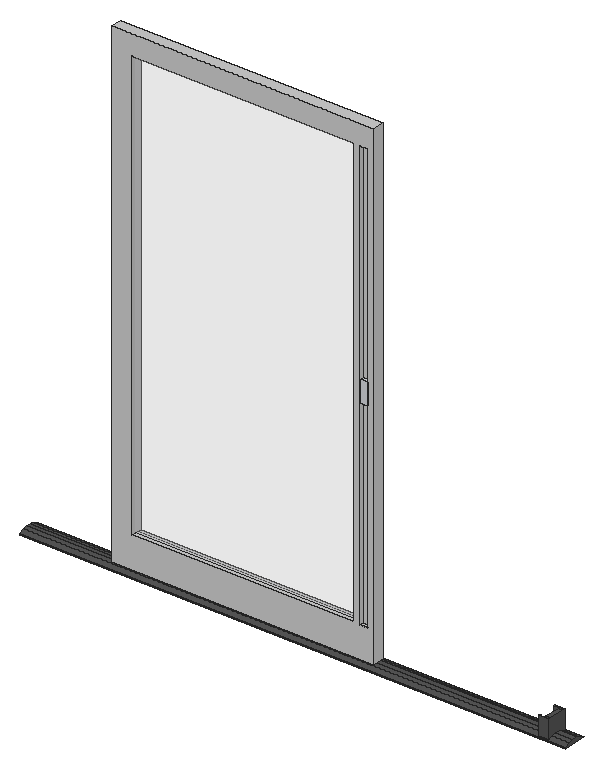
Revit family "Haworth_Compose_Panel_DoorSliding", category Furniture Systems, Revit 2018
Family settings
  Round Connector Dimension = Use Diameter
  Part Type = Normal
  OmniClass Number = 23.40.70.14.64.21
  OmniClass Title = Systems Furniture
  Work Plane-Based = No
  Always vertical = Yes
  Cut with Voids When Loaded = No
  Shared = No
  Room Calculation Point = No
Parameters (values of type "66h 36w")
  Warranty = "http://www.haworth.com/resources/product-info/warranties"
  URL - Product = "http://www.haworth.com/products/workspaces/panel-based/compose"
  Track Finish = Haworth _ Polymer _ Black
  Sustainability Info = "http://media.haworth.com/asset/2999/Compose%20PEDS.pdf"
  Model = "VUZF"  # constant formula
  Glass Finish = Haworth _ Glass _ Clear
  Door Offset = 1/2"  # constant formula
  Top Rail Width = 2 3/4"  # constant formula
  Sliding Track Length = Actual Width * 2 + 3"  # 75"
  Style Width = 2 3/4"  # constant formula
  Glass Offset = Bottom Rail Width  # 4 1/4"
  Door Height = Actual Height - 1/2"  # 66"
  Door Finish = Haworth _ Paint _ Putty
  Description = "Haworth Compose Panel Door Sliding"  # constant formula
  Bottom Rail Width = 4 1/4"  # constant formula
  Assembly Code = "E2020500"
  Width = 36"
  URL = "http://www.haworth.com/"
  Size = "Verify Final Dim. w/ Haworth"  # constant formula
  Revision Number = "4"  # constant formula
  Pull Height Centerline = Actual Height / 2  # 33 1/4"
  Panel Width = Actual Width - (2 * Style Width)  # 30 1/2"
  Panel Height = Height - Top Rail Width - Bottom Rail Width  # 59"
  Panel Depth = 1/2"  # constant formula
  Min. Width = 36"  # constant formula
  Max. Width = 42"  # constant formula
  Min. Height = 66"  # constant formula
  Max. Height = 82"  # constant formula
  Manufacturer = "Haworth"  # constant formula
  Height = 66"
  Author = "SHAPE Environment, LLC"  # constant formula
  Actual Width = if(Width < Min. Width, Min. Width, if(Width > Max. Width, Max. Width, Width))  # 36"
  Min/Max Width = "36, 42 in."  # constant formula
  Min/Max Height = "66, 74, 82 in."  # constant formula
  Actual Height = if(Height < Min. Height, Min. Height + Door Offset, if(Height > Max. Height, Max. Height + Door Offset, Height + Door Offset))  # 66 1/2"
Types (6): name | Sliding Track Length | Door Height | Width | Pull Height Centerline | Panel Width | Panel Height | Height | Actual Width | Actual Height
  66h 36w | 75" | 66" | 36" | 33 1/4" | 30 1/2" | 59" | 66" | 36" | 66 1/2"
  74h 36w | 75" | 74" | 36" | 37 1/4" | 30 1/2" | 67" | 74" | 36" | 74 1/2"
  82h 36w | 75" | 82" | 36" | 41 1/4" | 30 1/2" | 75" | 82" | 36" | 82 1/2"
  82h 42w | 87" | 82" | 42" | 41 1/4" | 36 1/2" | 75" | 82" | 42" | 82 1/2"
  74h 42w | 87" | 74" | 42" | 37 1/4" | 36 1/2" | 67" | 74" | 42" | 74 1/2"
  66h 42w | 87" | 66" | 42" | 33 1/4" | 36 1/2" | 59" | 66" | 42" | 66 1/2"
Reference planes (in)
  plane 1 "Center F/B": y = -0.17786
  plane 2: z = 0
  plane 3 "Center L/R": x = 3.26136
  plane 4 "Left Door": x = -14.73864
  plane 5 "Right Door": x = 21.26136
  plane 6: z = 66.5
  plane 7 "Pull Height Centerline": z = 33.75
  plane 8 "Door Panel Bottom": z = 0.5
  plane 9 "Left": x = -26.73864
  plane 10 "Sliding Track Right": x = 48.26136
  plane 11 "Right": x = 9.26136
Forms (in)
  Sweep 1, solid, material "Haworth _ Polymer _ Black" <- "Track Finish"
    path origin (-2.75869, -0.17786, 0) x (1, 0, 0) y (0, 0, 1)
      loop
        line (-23.97995, 0) -> (51.02005, 0)
    profile origin (10.76136, -0.17786, 0) x (0, 0, 1) y (0, -1, 0)
      loop
        line (0, 1.56145) -> (0, -1.56145) -> (0.06333, -1.56145) -> (0.40072, -0.8379)
        arc (0.40072, -0.8379) -> (0.47484, -0.61902) -> (0.5, -0.38933) r 1.06123
        line (0.5, -0.38933) -> (0.5, 0.38933)
        arc (0.5, 0.38933) -> (0.47476, 0.6194) -> (0.40025, 0.83852) r 1.06123
        line (0.40025, 0.83852) -> (0.0625, 1.56145) -> (0, 1.56145)
  Extrusion 2, solid, material "Haworth _ Polymer _ Black" <- "Track Finish"
    sketch origin (1.17615, -0.14763, 0) x (1, 0, 0) y (0, 1, 0)
      loop
        line (43.2102, 1.34476) -> (43.2102, 1.28226) -> (44.5227, 1.28226) -> (44.5227, 1.03226) -> (44.0227, 1.03226) -> (44.0227, -1.09274) -> (44.5227, -1.09274) -> (44.5227, -1.34274) -> (43.2102, -1.34274) -> (43.2102, -1.40524) -> (44.5852, -1.40524) -> (44.5852, 1.34476) -> (43.2102, 1.34476)
    from 0.0625 to 2.65
Lines and regions (in)
  Masking region 1
    outline origin (0, 0, 0) x (1, 0, 0) y (0, 1, 0)
      loop
        line (-26.73864, 1.38359) -> (-26.73864, -1.73931) -> (48.26136, -1.73931) -> (48.26136, 1.38359) -> (-26.73864, 1.38359)
  Masking region 2
    outline origin (0, 0, 0) x (1, 0, 0) y (0, 1, 0)
      loop
        line (-14.73864, 0.57214) -> (-14.73864, -0.92786) -> (21.26136, -0.92786) -> (21.26136, 0.57214) -> (-14.73864, 0.57214)
Dimensions and locks (in)
  equal spacing: plane 4 "Left Door", plane 3 "Center L/R", plane 5 "Right Door"
  "Actual Width": plane 4 "Left Door" to plane 5 "Right Door"
  "Actual Height": plane 6 to level
  "Pull Height Centerline": plane 7 "Pull Height Centerline" to plane 8 "Door Panel Bottom"
  locked: Extrusion 2 to plane 8 "Door Panel Bottom" at 2.15
  locked: plane 10 "Sliding Track Right" to Extrusion 2 at 2.5
  equal spacing: Sweep 1, plane 1 "Center F/B", Sweep 1
  "Door Offset": plane 8 "Door Panel Bottom" to plane 2
  locked: plane 4 "Left Door" to plane 9 "Left" at 12
  "Actual Width": plane 9 "Left" to plane 11 "Right"
  "Sliding Track Length": plane 9 "Left" to plane 10 "Sliding Track Right"
  aligned: plane 3 "Center L/R" to nested 1
  aligned and locked: plane 3 "Center L/R" to nested 1  (x2)
  aligned and locked: nested 1 to plane 8 "Door Panel Bottom"
  aligned and locked: Sweep 1 sketch curve to plane 2
  aligned and locked: plane 9 "Left" to Sweep 1 sketch curve
  aligned and locked: plane 10 "Sliding Track Right" to Sweep 1 sketch curve
  aligned and locked: plane 1 "Center F/B" to nested 1
Automatic sketch dimensions
  profile plane to Sweep 1 sketch curve = 0"
  profile plane to Sweep 1 sketch curve = 0.56123"  (x2)
  Sweep 1 sketch curve to Sweep 1 sketch curve = 1/16"
  Sweep 1 sketch curve to Sweep 1 sketch curve = 0.06333"
  Sweep 1 sketch curve to profile plane = 0.40025"
  Sweep 1 sketch curve to profile plane = 0.40057"
  Sweep 1 sketch curve to Sweep 1 sketch curve = 0.00015"
  Sweep 1 sketch curve to Sweep 1 sketch curve = 0.09975"
  Sweep 1 sketch curve to profile plane = 1.56145"
  Sweep 1 sketch curve to Sweep 1 sketch curve = 0.72356"
  Sweep 1 sketch curve to Sweep 1 sketch curve = 0.00007"
  profile plane to Sweep 1 sketch curve = 0.38933"
  Sweep 1 sketch curve to Sweep 1 sketch curve = 0.72293"
  plane 5 "Right Door" to Extrusion 2 sketch curve = 23 1/8"
  Extrusion 2 sketch curve to Extrusion 2 sketch curve = 0"
  Extrusion 2 sketch curve to Extrusion 2 sketch curve = 13/16"
  Extrusion 2 sketch curve to Extrusion 2 sketch curve = 1/2"  (x2)
  Extrusion 2 sketch curve to Extrusion 2 sketch curve = 1/16"  (x3)
  Extrusion 2 sketch curve to Extrusion 2 sketch curve = 1/4"
  Extrusion 2 sketch curve to Extrusion 2 sketch curve = 5/16"
  plane 1 "Center F/B" to Extrusion 2 sketch curve = 1 1/16"
  Extrusion 2 sketch curve to plane 1 "Center F/B" = 1 1/16"
  Masking region 1 sketch curve to plane 9 "Left" = 0"
  Masking region 1 sketch curve to plane 10 "Sliding Track Right" = 0"
  plane 1 "Center F/B" to Masking region 1 sketch curve = 1.56145"
  Masking region 1 sketch curve to plane 1 "Center F/B" = 1.56145"
  Masking region 2 sketch curve to plane 4 "Left Door" = 0"
  Masking region 2 sketch curve to plane 5 "Right Door" = 0"
  plane 1 "Center F/B" to Masking region 2 sketch curve = 3/4"
  Masking region 2 sketch curve to plane 1 "Center F/B" = 3/4"
Nested families (in)
  nested 1: "Haworth_Compose - Door_Panel_Sliding" at (2.08115, -0.14763, 0.5), type "Door"
Definition of nested family "Haworth_Compose - Door_Panel_Sliding"
  Parameters
    URL = "www.haworth.com"
    Style Width = 2 3/4"
    Revision Number = "1"  # constant formula
    Revision Date = ""
    Top Rail Width = 2 3/4"
    Door Hardware Finish = none
    Assembly Code = ""
    Glass Finish = none
    Bottom Rail Width = 4 1/4"
    Pull Height Centerline = Door Height / 2  # 33"
    Door Width = 36"
    Door Height = 66"
    Door Finish = none
    Door Depth = 1 1/2"
    Manufacturer = "Haworth"  # constant formula
    Author = "SHAPE Environments, LLC"  # constant formula
    Glass Width = Door Width - (2 * Style Width)  # 30 1/2"
    Glass Height = Door Height - Top Rail Width - Bottom Rail Width  # 59"
    Glass Depth = 1/2"
  Reference planes (in)
    plane 1 "Center F/B": y = -0.03024
    plane 2: z = 0
    plane 3 "Center L/R": x = 1.1802
    plane 4 "Left": x = -16.8198
    plane 5 "Right": x = 19.1802
    plane 6 "Back": y = 0.71976
    plane 7 "Front": y = -0.78024
    plane 8 "Top": z = 66
    plane 9 "Left Style Inside": x = -14.0698
    plane 10 "Pull Height": z = 33
    plane 11 "Top Rail Inside": z = 63.25
    plane 12 "Bottom Rail Inside": z = 4.25
    plane 13 "Right Style Inside": x = 16.4302
  Forms (in)
    Extrusion 1, solid, material <- "Door Finish"
      sketch origin (38, -0.03024, 0) x (1, 0, 0) y (0, 0, 1)
        loop
          line (-54.8198, 66) -> (-54.8198, 0) -> (-18.8198, 0) -> (-18.8198, 66) -> (-54.8198, 66)
        loop
          line (-52.0698, 63.25) -> (-52.0698, 4.25) -> (-21.5698, 4.25) -> (-21.5698, 63.25) -> (-52.0698, 63.25)
        loop
          line (-20.6948, 63.25) -> (-20.6948, 4.25) -> (-19.6948, 4.25) -> (-19.6948, 63.25) -> (-20.6948, 63.25)
      from -0.75 to 0.75
    Extrusion 2, solid, material <- "Door Finish"
      sketch origin (0, -0.03024, 0) x (1, 0, 0) y (0, 0, 1)
        loop
          line (17.3052, 63.25) -> (17.3052, 4.25) -> (18.3052, 4.25) -> (18.3052, 63.25) -> (17.3052, 63.25)
      from -0.25 to 0.25
    Extrusion 3, solid, material <- "Door Hardware Finish"
      sketch origin (0, -0.78024, 0) x (-1, 0, 0) y (0, 0, 1)
        loop
          line (-17.3052, 34.5) -> (-18.3052, 34.5) -> (-18.3052, 31.5) -> (-17.3052, 31.5) -> (-17.3052, 34.5)
      from 0 to 0.5
    Extrusion 4, solid, material <- "Door Hardware Finish"
      sketch origin (0, 0.71976, 0) x (-1, 0, 0) y (0, 0, -1)
        loop
          line (-17.3052, -34.5) -> (-17.3052, -31.5) -> (-18.3052, -31.5) -> (-18.3052, -34.5) -> (-17.3052, -34.5)
      from 0 to 0.5
  Cuts and joins
    joined: Extrusion 1, Extrusion 2
  Lines and regions (in)
    Masking region 1
      outline origin (0, 0, 0) x (1, 0, 0) y (0, 1, 0)
        loop
          line (-16.8198, 0.71976) -> (-16.8198, -0.78024) -> (19.1802, -0.78024) -> (19.1802, 0.71976) -> (-16.8198, 0.71976)
    symbolic lines, detail levels fine
      curve 1: line (-3.8198, -0.78024, 33) -> (6.1802, -0.78024, 33)
      curve 2: line (6.1802, -0.78024, 33) -> (5.11954, -0.78024, 31.93934)
      curve 3: line (6.1802, -0.78024, 33) -> (5.11954, -0.78024, 34.06066)
  Dimensions and locks (in)
    "Door Height": plane 8 "Top" to level
    equal spacing: plane 6 "Back", plane 1 "Center F/B", plane 7 "Front"
    "Door Depth": plane 6 "Back" to plane 7 "Front"
    equal spacing: plane 4 "Left", plane 3 "Center L/R", plane 5 "Right"
    "Door Width": plane 4 "Left" to plane 5 "Right"
    "Pull Height Centerline": plane 10 "Pull Height" to level
    "Style Width": plane 5 "Right" to plane 13 "Right Style Inside"
    "Bottom Rail Width": plane 12 "Bottom Rail Inside" to level
    "Top Rail Width": plane 8 "Top" to plane 11 "Top Rail Inside"
    curve 3 to plane 10 "Pull Height" to curve 2 = 1.06066" locked, 1.06066" locked
    locked: Extrusion 1 sketch curve to Extrusion 1 sketch curve at 0.875  (x2)
    equal spacing: Extrusion 3 sketch curve, plane 10 "Pull Height", Extrusion 3 sketch curve
    Extrusion 3 sketch curve to Extrusion 3 sketch curve = 3"
    Extrusion 4 sketch curve to Extrusion 4 sketch curve = 3"  (x2)
    "Style Width": plane 9 "Left Style Inside" to plane 4 "Left"
    aligned and locked: plane 1 "Center F/B" to nested 1
    aligned and locked: plane 3 "Center L/R" to nested 1
    aligned and locked: nested 1 to plane 12 "Bottom Rail Inside"
    aligned and locked: curve 1 to plane 10 "Pull Height"
    aligned: plane 5 "Right" to Masking region 1
    aligned and locked: plane 8 "Top" to Extrusion 1
    aligned and locked: Extrusion 1 sketch curve to plane 11 "Top Rail Inside"
    aligned and locked: plane 12 "Bottom Rail Inside" to Extrusion 1 sketch curve
    aligned and locked: Extrusion 1 to Extrusion 2 sketch curve
    aligned and locked: Extrusion 2 sketch curve to Extrusion 1  (x2)
    aligned and locked: plane 12 "Bottom Rail Inside" to Extrusion 2 sketch curve
    aligned and locked: Extrusion 1 to plane 7 "Front"
    aligned and locked: plane 6 "Back" to Extrusion 1
    aligned and locked: cut or joined group of Extrusion 1, Extrusion 2 to plane 2
  Automatic sketch dimensions
    plane 3 "Center L/R" to curve 1 = 5"
    curve 1 to curve 2 = 1.06066"
    curve 1 to plane 3 "Center L/R" = 5"
    Extrusion 1 sketch curve to plane 4 "Left" = 0"
    Extrusion 1 sketch curve to plane 11 "Top Rail Inside" = 0"
    Extrusion 1 sketch curve to plane 13 "Right Style Inside" = 0"
    Extrusion 1 sketch curve to plane 5 "Right" = 0"
    Extrusion 1 sketch curve to plane 12 "Bottom Rail Inside" = 0"
    Extrusion 1 sketch curve to plane 8 "Top" = 0"
    Masking region 1 sketch curve to plane 4 "Left" = 0"
    Masking region 1 sketch curve to plane 5 "Right" = 0"
    Masking region 1 sketch curve to plane 7 "Front" = 0"
    Masking region 1 sketch curve to plane 6 "Back" = 0"
    Extrusion 3 sketch curve to plane 5 "Right" = 7/8"
    plane 13 "Right Style Inside" to Extrusion 3 sketch curve = 7/8"
    Extrusion 4 sketch curve to plane 5 "Right" = 7/8"
    plane 13 "Right Style Inside" to Extrusion 4 sketch curve = 7/8"
    plane 10 "Pull Height" to Extrusion 4 sketch curve = 1 1/2"
    plane 4 "Left" to Extrusion 1 sketch curve = 2 3/4"
    Extrusion 1 sketch curve to level = 0"
  Nested families (in)
    nested 1: "Haworth_Compose - Panel_Glass" at (0, 0, 4.25), type "Glass"
      with Panel Width 30 1/2", Panel Height 59"
  Definition of nested family "Haworth_Compose - Panel_Glass"
    Parameters
      URL = "www.haworth.com"
      Revision Number = "1"  # constant formula
      Revision Date = ""
      Panel Width = 30.19"
      Panel Height = 100"
      Panel Finish = none
      Panel Depth = 1/2"
      Offset = 4 1/4"
      Manufacturer = "Haworth"  # constant formula
      Author = "SHAPE Environment, LLC"  # constant formula
      Assembly Code = ""
    Reference planes (in)
      plane 1 "Center F/B": y = -0.03024
      plane 2: z = 0
      plane 3 "Center L/R": x = 1.1802
      plane 4 "Left": x = -13.9148
      plane 5 "Right": x = 16.2752
      plane 6 "Back": y = 0.21976
      plane 7 "Front": y = -0.28024
      plane 8 "Top": z = 100
      plane 9: z = 72.765
      plane 10: z = 54.765
      plane 11: z = 23.75
      plane 12: z = 49.75
    Forms (in)
      Extrusion 1, solid, material <- "Panel Finish"
        sketch origin (0, -0.03024, 0) x (1, 0, 0) y (0, 0, 1)
          loop
            line (-13.9148, 100) -> (-13.9148, 0) -> (16.2752, 0) -> (16.2752, 100) -> (-13.9148, 100)
        from -0.25 to 0.25
    Dimensions and locks (in)
      "Panel Height": plane 8 "Top" to level
      equal spacing: plane 6 "Back", plane 1 "Center F/B", plane 7 "Front"
      "Panel Depth": plane 6 "Back" to plane 7 "Front"
      equal spacing: plane 4 "Left", plane 3 "Center L/R", plane 5 "Right"
      "Panel Width": plane 4 "Left" to plane 5 "Right"
      locked: plane 11 to level at 23.75
      locked: plane 12 to level at 49.75
      locked: plane 10 to level at 54.765
      locked: plane 9 to level at 72.765
      aligned and locked: plane 4 "Left" to Extrusion 1 sketch curve
      aligned and locked: Extrusion 1 sketch curve to plane 8 "Top"
      aligned and locked: level to Extrusion 1 sketch curve
      aligned and locked: Extrusion 1 sketch curve to plane 5 "Right"
      aligned and locked: plane 6 "Back" to Extrusion 1
      aligned and locked: Extrusion 1 to plane 7 "Front"
